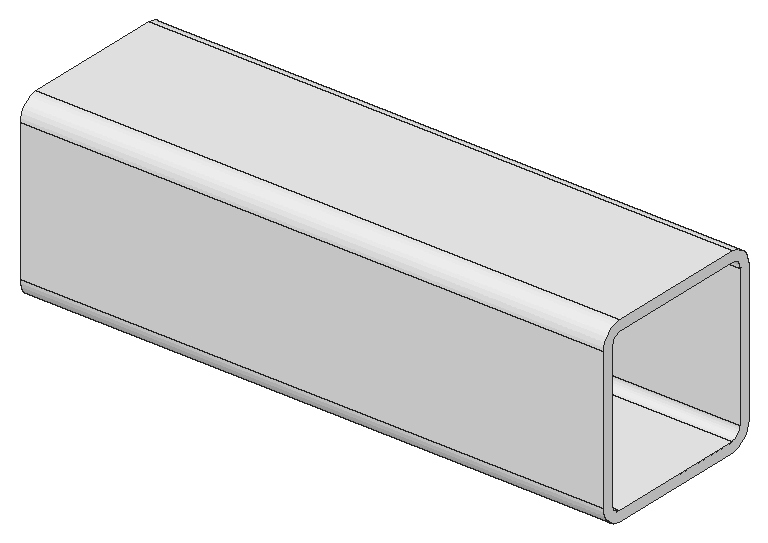
Revit family
Parameters (values of type "TUB400x400x22")
  시작 확장 계산 [instance] = 3012.5 mm + 시작 확장  # 3037.5 mm
  시작 확장 [instance] = 25 mm
  끝 확장 계산 [instance] = 3012.5 mm + 끝 확장  # 3037.5 mm
  끝 확장 [instance] = 25 mm
  보 재료 [instance] = 금속 - 스틸 - 345 MPa
  Assembly Code = ""
  A = 0.03 m²
  Ht = 400 mm
  Length [instance] = 1500 mm
  W = 2.311
  모양 = "정사각형"
  b = 400 mm
  tr = 2 * t  # 44 mm
  t = 22 mm
Reference planes
  plane 1 "중심(앞/뒤)": y = 0
  plane 2: z = 0
  plane 3 "중심(왼쪽/오른쪽)": x = 4.61
  plane 4 "왼쪽 부재": x = -604.99
  plane 5 "오른쪽 부재": x = 614.21
  plane 6: y = 200
  plane 7: y = -200
  plane 8 "상단": z = 200
  plane 9: z = -200
  plane 10 "왼쪽": x = -757.39
  plane 11 "오른쪽": x = 742.61
  plane 12: x = -642.49
  plane 13: x = 651.71
  plane 14: x = 2395.01
  plane 15: x = -2385.79
Forms (mm)
  Sweep 1, solid, material "금속 - 스틸 - 345 MPa" <- "보 재료", detail levels fine
    path origin (0, 0, 0) x (1, 0, 0) y (0, 1, 0)
      loop
        line (651.71, 0) -> (-642.49, 0)
    profile "M_속 빈-구조-단면-프로파일-섬세 : M_속 빈-구조-단면-프로파일-섬세" origin (4.61, 0, 0) x (0, -1, 0) y (0, 0, 1)
      loop
        arc (-156, 178) -> (-171.556, 171.556) -> (-178, 156) r 22
        line (-178, 156) -> (-178, -156)
        arc (-178, -156) -> (-171.556, -171.556) -> (-156, -178) r 22
        line (-156, -178) -> (156, -178)
        arc (156, -178) -> (171.556, -171.556) -> (178, -156) r 22
        line (178, -156) -> (178, 156)
        arc (178, 156) -> (171.556, 171.556) -> (156, 178) r 22
        line (156, 178) -> (-156, 178)
      loop
        arc (-200, -156) -> (-187.113, -187.113) -> (-156, -200) r 44
        line (-156, -200) -> (156, -200)
        arc (156, -200) -> (187.113, -187.113) -> (200, -156) r 44
        line (200, -156) -> (200, 156)
        arc (200, 156) -> (187.113, 187.113) -> (156, 200) r 44
        line (156, 200) -> (-156, 200)
        arc (-156, 200) -> (-187.113, 187.113) -> (-200, 156) r 44
        line (-200, 156) -> (-200, -156)
  Sweep 2, solid, material "금속 - 스틸 - 345 MPa" <- "보 재료", detail levels medium
    path origin (0, 0, 0) x (1, 0, 0) y (0, 1, 0)
      loop
        line (651.71, 0) -> (-642.49, 0)
    profile "M_속 빈-구조-단면-프로파일-중간 : M_속 빈-구조-단면-프로파일-중간" origin (4.61, 0, 0) x (0, -1, 0) y (0, 0, 1)
      loop
        line (-178, 178) -> (-178, -178) -> (178, -178) -> (178, 178) -> (-178, 178)
      loop
        line (-200, -200) -> (200, -200) -> (200, 200) -> (-200, 200) -> (-200, -200)
Lines and regions (mm)
  symbolic lines, style "숨겨진 면", detail levels medium+fine
    curve 1: line (651.71, -178, 0) -> (-642.49, -178, 0)
    curve 2: line (651.71, 178, 0) -> (-642.49, 178, 0)
    curve 3: line (-642.49, 0, 178) -> (651.71, 0, 178)
    curve 4: line (-642.49, 0, -178) -> (651.71, 0, -178)
  symbolic lines, style "기호 부착", detail levels coarse
    curve 5: line (4.61, -200, 200) -> (4.61, -200, -200)
    curve 6: line (4.61, -200, -200) -> (4.61, 200, -200)
    curve 7: line (4.61, 200, -200) -> (4.61, 200, 200)
    curve 8: line (4.61, 200, 200) -> (4.61, -200, 200)
Dimensions and locks
  "b": plane 6 to plane 7
  "Ht": plane 9 to plane 8 "상단"
  equal spacing: plane 9, plane 2, plane 8 "상단"
  equal spacing: plane 6, plane 1 "중심(앞/뒤)", plane 7
  "t": plane 6 to curve 2
  "t": curve 1 to plane 7
  "t": plane 8 "상단" to curve 3
  "t": curve 4 to plane 9
  "Length": plane 10 "왼쪽" to plane 11 "오른쪽"
  locked: plane 4 "왼쪽 부재" to plane 14 at 3000
  locked: plane 15 to plane 5 "오른쪽 부재" at 3000
  "시작 확장 계산": plane 12 to plane 14
  "끝 확장 계산": plane 15 to plane 13
  aligned and locked: Sweep 1 sketch curve to plane 1 "중심(앞/뒤)"
  aligned and locked: Sweep 2 sketch curve to plane 1 "중심(앞/뒤)"
  aligned and locked: curve 5 to Sweep 2
  aligned and locked: curve 6 to Sweep 2
  aligned and locked: curve 7 to Sweep 2
  aligned and locked: curve 8 to Sweep 2
  aligned and locked: plane 12 to Sweep 2 sketch curve
  aligned and locked: plane 13 to Sweep 2 sketch curve
  aligned and locked: plane 12 to Sweep 1 sketch curve
  aligned and locked: plane 13 to Sweep 1 sketch curve
  aligned and locked: plane 12 to curve 2
  aligned and locked: plane 12 to curve 1
  aligned and locked: plane 13 to curve 2
  aligned and locked: plane 13 to curve 1
  aligned and locked: plane 12 to curve 3
  aligned and locked: plane 12 to curve 4
  aligned and locked: plane 13 to curve 3
  aligned and locked: plane 13 to curve 4
